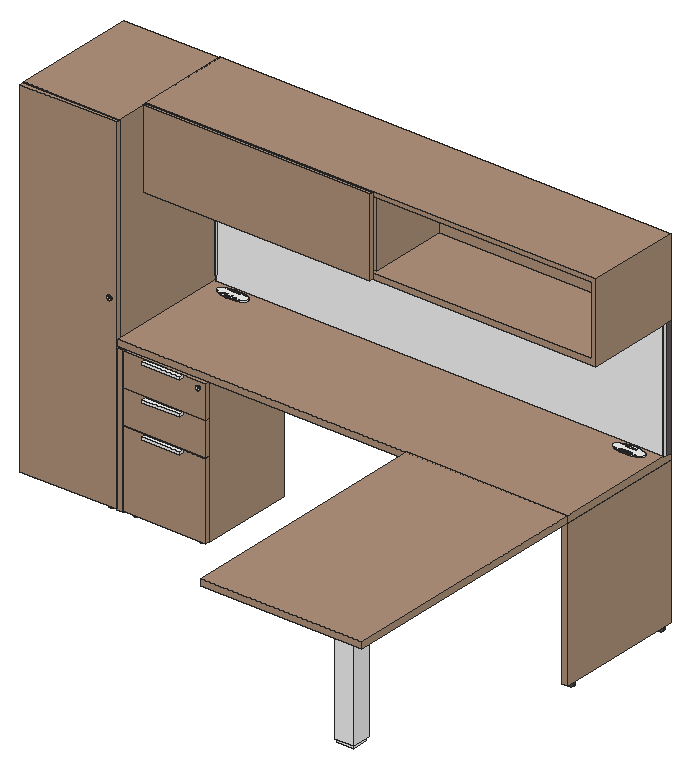
Revit family "Expansion_Casegoods-Private_01-Teknion-R2018", category Furniture Systems, Revit 2018
Family settings
  Round Connector Dimension = Use Diameter
  Part Type = Normal
  OmniClass Number = 23.40.70.14.64.21
  OmniClass Title = Systems Furniture
  Work Plane-Based = No
  Always vertical = Yes
  Cut with Voids When Loaded = No
  Shared = Yes
  Room Calculation Point = No
Parameters (values of type "Private 01")
  Warranty = "http://www.teknion.com/ca/papers/legal-canada"
  Unit Weight URL = "http://www.teknion.com/ca/tools/assets#&asset=bee6a381-b954-425e-8283-5a2de3a804f2,f828d448-4b62-4231-9e5f-9a8991c0ed77"
  URL = "www.teknion.com"
  To render please download texture images found here [instance] = "https://assets.teknion.com/web/5e81352c1dfdb467/revit-material-swatches/"
  Sustainability Data = "https://www.teknion.com/ca/tools/assets#&topic=216f99a5-57a0-44fc-b10a-9dee9b29ae4c&asset=444deb64-fe58-4b68-981e-f75e97781df7,b4ff2d81-9f2e-437d-9659-7cffb09c31cf"
  Series = "Expansion Casegoods"  # constant formula
  Product Page URL = "https://www.teknionplanningtool.com/#?Private-01-expcasegoods"
  Product Line = "Expansion Casegoods"  # constant formula
  Model = "Expansion Casegoods Private 01"
  Material Finish Note [instance] = "Click on Edit Family to change the finishes."  # constant formula
  Manufacturer Phone = "416-661-3370"  # constant formula
  Manufacturer Fax = "416.661.4586"  # constant formula
  Manufacturer Contact Information = "http://www.teknion.com/ca/contactus"
  Manufacturer Address = "1150 Flint Road, Toronto, ON. M3J 2J5. Canada"  # constant formula
  Manufacturer = "Teknion"  # constant formula
  How To Use Teknion Materials User Guide [instance] = "https://assets.teknion.com/m/205dd0a49fa58060/original/How-to-add-a-Material-Library-and-Texture-Images-to-your-Revit-project.pdf"
  For Additional Finishes please visit [instance] = "https://assets.teknion.com/m/44a8009b046e5d47/original/Teknion_Materials_Library.zip"
  Description = "5'-12\" x 8'-6\" Overall"
  Assembly Code = "E2020200"
Reference planes (in)
  plane 1 "Center F/B": y = -7.41937
  plane 2: z = 0
  plane 3 "Center L/R": x = -3.68352
  plane 4 "Top": z = 29
  plane 5: x = -54.42789
  plane 6: y = -43.24024
  plane 7: y = 28.40149
  plane 8: x = 47.06085
Dimensions and locks (in)
  locked: plane 4 "Top" to level at 29
  equal spacing: plane 6, plane 1 "Center F/B", plane 7
  equal spacing: plane 5, plane 3 "Center L/R", plane 8
  plane 5 to plane 8 = 8' - 5.48874"
  plane 7 to plane 6 = 5' - 11.64173"
  aligned and locked: level to plane 2
Nested families (in)
  nested 1: "Desks-Teknion-B_RF_Rectangular_Desk_Full_Gables-R2018" at (5.5821, 18.1134, 0), type "1 3/16" Worksurface Thickness"
    with Worksurface Finish Source Laminate - Teknion - 3M - Provincial Oak (Cross Grain), Width 7' - 0", Wall Access Modesty Panel Style yes, Two Grommets yes, To render please download texture images found here "https://assets.teknion.com/web/5e81352c1dfdb467/revit-material-swatches/", Modesty Panel Style "Please choose one of the following options below.", Modesty Height Offset 1' - 8.409", How To Use Teknion Materials User Guide "https://assets.teknion.com/m/205dd0a49fa58060/original/How-to-add-a-Material-Library-and-Texture-Images-to-your-Revit-project.pdf", Hardware Finish Paint - Teknion - Mica - Very White, Gable and Modesty Panel Finish Source Laminate - Teknion - 3M - Provincial Oak, For Additional Finishes please visit "https://assets.teknion.com/m/44a8009b046e5d47/original/Teknion_Materials_Library.zip", Flush, Half Modesty Panel Style no, Flush, Full Modesty Panel Style - No Grommet no, Flush, Full Modesty Panel Style no, Depth 2' - 0", Center Grommet no, Available Widths "18, 24, 30, 36, 42, 48, 54, 60, 66, 72, 78, or 84 inches.", Available Depths "20, 24, 30, or 36 inches.", Actual Width 6' - 11.579", Actual Depth 1' - 11.882"
  nested 2: "Storage-Freestanding-Teknion-BSPSS_Pedestal-R2018" at (-27.3882, 12.58409, 0), type "18" Depth, 28" Height"
    with To render please download texture images found here "https://assets.teknion.com/web/5e81352c1dfdb467/revit-material-swatches/", Pull Finish Paint - Teknion - Mica - Very White, How To Use Teknion Materials User Guide "https://assets.teknion.com/m/205dd0a49fa58060/original/How-to-add-a-Material-Library-and-Texture-Images-to-your-Revit-project.pdf", For Additional Finishes please visit "https://assets.teknion.com/m/44a8009b046e5d47/original/Teknion_Materials_Library.zip", File, File Configuration no, Drawer Front Finish Source Laminate - Teknion - 3M - Provincial Oak, Case Finish Source Laminate - Teknion - 3M - Provincial Oak (Cross Grain), Box, Box, File Top Drawer Cut-Out 0' - 3.589", Box, Box, File Configuration yes
  nested 3: "Storage-Freestanding-Teknion-BFRL_Full_Solid_Door_Tower-R2018" at (-45.47289, 16.4467, 0), type "18"w x 66"h"
    with Wardrobe yes, Top Shelf Height Offset 1' - 2.906", To render please download texture images found here "https://assets.teknion.com/web/5e81352c1dfdb467/revit-material-swatches/", Shelves no, Note "Available Depths are 18 and 24 inches.", Middle Shelf Visibility no, Middle Shelf Height Offset 1' - 2.846", Lock Height Offset 2' - 5.561", How to Add Texture Images to your Revit Project "https://assets.teknion.com/m/205dd0a49fa58060/original/How-to-add-a-Material-Library-and-Texture-Images-to-your-Revit-project.pdf", For Additional Finishes please visit "https://assets.teknion.com/m/44a8009b046e5d47/original/Teknion_Materials_Library.zip", File Drawers and Shelves no, Door Front Finish Source Laminate - Teknion - 3M - Provincial Oak, Depth 2' - 0", Configurations Note "Please select one of the following.", Case Finish Source Laminate - Teknion - 3M - Provincial Oak (Cross Grain), Bottom Shelf Visibility no, Actual Depth 1' - 11.161"
  nested 4: "Storage-Mounted-Teknion-BOCSS_Overhead_Cabinet_Solid_Overlay_Sliding_Door-R2018" at (4.46889, 19.73939, 0) x (-1, 0, 0) z (0, 0, 1), type "Wall Panel Mounted, One Door, 18" Depth"
    with Width 7' - 0", To render please download texture images found here "https://assets.teknion.com/web/5e81352c1dfdb467/revit-material-swatches/", Pull Finish Paint - Teknion - Mica - Very White, Overlay Door Finish Source Laminate - Teknion - 3M - Provincial Oak, Middle Shelf Divider yes, Inset Door Finish Source Laminate - Teknion - 3M - Provincial Oak, How To Use Teknion Materials User Guide "https://assets.teknion.com/m/205dd0a49fa58060/original/How-to-add-a-Material-Library-and-Texture-Images-to-your-Revit-project.pdf", For Additional Finishes please visit "https://assets.teknion.com/m/44a8009b046e5d47/original/Teknion_Materials_Library.zip", Case Finish Source Laminate - Teknion - 3M - Provincial Oak (Cross Grain), Available Widths "30\", 36\", 42\", 48\", 54\", 60\", 66\", 72\", 78\", or 84\"", Actual Width 6' - 11.579"
  nested 5: "Desks-Teknion-B_RPW_Rectangular_Peninsula_Worksurface-R2018" at (32.56105, -20.83513, 0), type "1 3/16" Worksurface Thickness"
    with Worksurface Finish Source Laminate - Teknion - 3M - Provincial Oak, Width 4' - 0", Top Bracket Visibility yes, To render please download texture images found here "https://assets.teknion.com/web/5e81352c1dfdb467/revit-material-swatches/", Support Style Note "Please choose one of the following options below.", Support Finish Paint - Teknion - Mica - Very White, How To Use Teknion Materials User Guide "https://assets.teknion.com/m/205dd0a49fa58060/original/How-to-add-a-Material-Library-and-Texture-Images-to-your-Revit-project.pdf", For Additional Finishes please visit "https://assets.teknion.com/m/44a8009b046e5d47/original/Teknion_Materials_Library.zip", Elliptical Base Connection Node Visibility no, Elliptical Base no, Depth 2' - 6", Connection Node Visibility yes, Column Leg no, Central Square Post Leg yes, Available Widths "48, 54, 60, 66, 72, 78, or 84 inches.", Available Depths "24, 30, or 36 inches.", Actual Width 3' - 11.76", Actual Depth 2' - 5.85"
  nested 6: "Desk_Accessories-Teknion-BAMPL_Peninsula_Modesty_Panel_Solid-R2018" at (32.13565, -8.337, 0), type "Dual-Leg Peninsula Style, Half Modesty Panel Height"
    with Width 4' - 6", To render please download texture images found here "https://assets.teknion.com/web/5e81352c1dfdb467/revit-material-swatches/", Modesty Panel Finish Source Laminate - Teknion - 3M - Provincial Oak (Cross Grain), How To Use Teknion Materials User Guide "https://assets.teknion.com/m/205dd0a49fa58060/original/How-to-add-a-Material-Library-and-Texture-Images-to-your-Revit-project.pdf", For Additional Finishes please visit "https://assets.teknion.com/m/44a8009b046e5d47/original/Teknion_Materials_Library.zip", Available Widths "48, 54, 60, 66, 72, 78, or 84 inches.", Actual Width 3' - 3.24"
  nested 7: "Storage-Mounted-Teknion-B_WPO-Wall_Panel_for_Overhead_Cabinet-R2018" at (5.27111, 27.90149, 0), type "On 1" Thick Standard Worksurface"
    with Width 7' - 0", Tackboard Upholstery Finish Fabric - Teknion - S613 - Saturate - Dune, Tackboard Bottom Starting Offset 2' - 4.823", Standard Overhead Cabinet (15" High) yes, Power/Data Visibility no, Power/Data Plan View Offset 3' - 5.79", Power and Data Under Worksurface - Right no, Power and Data Under Worksurface - Left no, Power and Data Under Worksurface - Center no, Power and Data Over Worksurface - Right no, Power and Data Over Worksurface - Left no, Power and Data Over Worksurface - Center no, Power Data Height Offset 0' - 1.797", Porcelain/Glass Markerboard Visibility yes, Panel Finish Veneer - Teknion - VB - Flintwood - Black Walnut, Overhead Style Cut-Out 1' - 1.866", Overhead Style "Please choose the Standard Overhead Cabinet option below.", No Power and Data yes, Light Shelf Note "Light Shelf can only be specified if the Has Accessory Rail option is selected above.", Light Shelf Finish Mica - Teknion - V - Satin - Very White, Has Porcelain Markerboard no, Has No Accessory Board no, Has Light Shelf no, Has Glass Markerboard yes, Has Felt Tackboard no, Has Fabric Tackboard no, Has Accessory Rail no, Glass Markerboard Finish Back-painted Glass - K7 - Teknion - Very White, Fabric/Felt Tackboard Visibility no, Datum Height Note "Please choose one of the following options below.", Cubic Overhead Cabinet (16" or 18" High) no, Available Widths "24, 30, 36, 42, 48, 54, 60, 66, 72, 78, or 84 inches.", Available Electrical Options "Choose between Power and Data Over Worksurface - Center, Power and Data Over Worksurface - Left, Power and Data Over Worksurface - Right, or No Power and Data.", Actual Width 6' - 11.58", Actual Height 5' - 4.673", Accessory Rail Finish Mica - Teknion - V - Satin - Very White, Accessories Note "Choose one of the following options below.", 72" Datum Height no, 66" Datum Height yes
Definition of nested family "Desks-Teknion-B_RF_Rectangular_Desk_Full_Gables-R2018"
  Parameters (values of type "1" Worksurface Thickness")
    Worksurface Thickness = if([1 3/16 WS Thickness], 0' 1.189", if([1 9/16 WS Thickness], 0' 1.555", 0' 1.016"))  # 0' - 1.016"
    Worksurface Finish [instance] = none
    Width [instance] = 6' - 0"
    Warranty = "http://www.teknion.com/ca/papers/legal-canada"
    Wall Access Modesty Panel Style [instance] = no
    Unit Weight URL = "http://www.teknion.com/ca/tools/assets#&asset=bee6a381-b954-425e-8283-5a2de3a804f2,f828d448-4b62-4231-9e5f-9a8991c0ed77"
    URL = "www.teknion.com"
    Two Grommets [instance] = not(Center Grommet)  # yes
    To render please download texture images found here [instance] = "https://assets.teknion.com/web/5e81352c1dfdb467/revit-material-swatches/"
    Sustainability Data = "https://www.teknion.com/ca/tools/assets#&topic=216f99a5-57a0-44fc-b10a-9dee9b29ae4c&asset=444deb64-fe58-4b68-981e-f75e97781df7,b4ff2d81-9f2e-437d-9659-7cffb09c31cf"
    Series = "Expansion Casegoods"  # constant formula
    Product Page URL = "https://www.teknion.com/ca/products/product-details?productLineId=0053336e-8e7a-673b-a6c8-ff00004460c4"
    Product Line = "Expansion Casegoods"  # constant formula
    Product Documentation Link = "https://www.teknion.com/pricing/expansion-casegoods/pdfs/B_RF_ppg.pdf"
    Part Number = "B_RF"  # constant formula
    Modesty Panel Style [instance] = "Please choose one of the following options below."  # constant formula
    Modesty Height Offset [instance] = if(or([Flush, Full Modesty Panel Style], [Flush, Full Modesty Panel Style - No Grommet]), 0' 0.602", if(Wall Access Modesty Panel Style, 1' 8.409", 1' 1.283"))  # 0' - 0.602"
    Model = "BDRF_____"
    Manufacturer Phone = "416-661-3370"  # constant formula
    Manufacturer Fax = "416.661.4586"  # constant formula
    Manufacturer Contact Information = "http://www.teknion.com/ca/contactus"
    Manufacturer Address = "1150 Flint Road, Toronto, ON. M3J 2J5. Canada"  # constant formula
    Manufacturer = "Teknion"  # constant formula
    How To Use Teknion Materials User Guide [instance] = "https://assets.teknion.com/m/205dd0a49fa58060/original/How-to-add-a-Material-Library-and-Texture-Images-to-your-Revit-project.pdf"
    Hardware Finish [instance] = none
    Gable and Modesty Panel Finish [instance] = none
    For Additional Finishes please visit [instance] = "https://assets.teknion.com/m/44a8009b046e5d47/original/Teknion_Materials_Library.zip"
    Flush, Half Modesty Panel Style [instance] = no
    Flush, Full Modesty Panel Style - No Grommet [instance] = no
    Flush, Full Modesty Panel Style [instance] = not(or(Wall Access Modesty Panel Style, [Flush, Full Modesty Panel Style - No Grommet], [Flush, Half Modesty Panel Style]))  # yes
    Description = "Rectangular Desk - Full Gables, Flush, 1\" Worksurface Thickness"
    Depth [instance] = 2' - 0"
    Center Grommet [instance] = Width < 3' 7"  # no
    Available Widths [instance] = if(not(or([1 3/16 WS Thickness], [1 9/16 WS Thickness])), "18, 24, 30, 36, 42, 48, 54, 60, 66, or 72 inches.", "18, 24, 30, 36, 42, 48, 54, 60, 66, 72, 78, or 84 inches.")  # "18, 24, 30, 36, 42, 48, 54, 60, 66, or 72 inches."
    Available Depths [instance] = if(or(Worksurface Thickness = 0' 1.555", Worksurface Thickness = 0' 1.189"), "20, 24, 30, or 36 inches.", "20, 24, or 30 inches.")  # "20, 24, or 30 inches."
    Assembly Code = "E2020200"
    Actual Width [instance] = if(Width = 1' 6", 1' 5.909", if(Width = 2' 0", 1' 11.882", if(Width = 2' 6", 2' 5.85", if(Width = 3' 0", 2' 11.819", if(Width = 3' 6", 3' 5.791", if(Width = 4' 0", 3' 11.76", if(Width = 4' 6", 4' 5.728", if(Width = 5' 0", 4' 11.701", if(Width = 5' 6", 5' 5.669", if(Width = 6' 0", 5' 11.642", if(Width = 6' 6", 6' 5.61", 6' 11.579")))))))))))  # 5' - 11.642"
    Actual Depth [instance] = if(Depth = 1' 8", 1' 7.92", if(Depth = 2' 0", 1' 11.882", if(Depth = 2' 6", 2' 5.85", 2' 11.819")))  # 1' - 11.882"
    1 9/16 WS Thickness = no
    1 3/16 WS Thickness = no
  Types (4): name | Worksurface Thickness | Model | Description | Available Widths | Available Depths | 1 9/16 WS Thickness | 1 3/16 WS Thickness
    (no name) | 0' - 1.016" | "BDRF_____" | "Rectangular Desk - Full Gables, Flush, 1\" Worksurface Thickness" | "18, 24, 30, 36, 42, 48, 54, 60, 66, or 72 inches." | "20, 24, or 30 inches." | no | no
    1" Worksurface Thickness | 0' - 1.016" | "BDRF_____" | "Rectangular Desk - Full Gables, Flush, 1\" Worksurface Thickness" | "18, 24, 30, 36, 42, 48, 54, 60, 66, or 72 inches." | "20, 24, or 30 inches." | no | no
    1 3/16" Worksurface Thickness | 0' - 1.189" | "BMRF_____" | "Rectangular Desk - Full Gables, Flush, 1 3/16\" Worksurface Thickness" | "18, 24, 30, 36, 42, 48, 54, 60, 66, 72, 78, or 84 inches." | "20, 24, 30, or 36 inches." | no | yes
    1 9/16" Worksurface Thickness | 0' - 1.555" | "BXRF_____" | "Rectangular Desk - Full Gables, Flush, 1 9/16\" Worksurface Thickness" | "18, 24, 30, 36, 42, 48, 54, 60, 66, 72, 78, or 84 inches." | "20, 24, 30, or 36 inches." | yes | no
  Reference planes (in)
    plane 1 "Center Front/Back": y = -1.65291
    plane 2: z = 0
    plane 3 "Center Left/Right": x = -0.31049
    plane 4 "Left": x = -36.13149
    plane 5 "Right": x = 35.51051
    plane 6 "Back": y = 10.28809
    plane 7 "Front": y = -13.59391
    plane 8 "Top": z = 28.82309
    plane 9: z = 27.80709
  Forms (in)
    Sweep 1, solid, material <- "Gable and Modesty Panel Finish"
      path origin (0, 0, 0) x (1, 0, 0) y (0, 1, 0)
        loop
          line (-35.11575, -1.65291) -> (-36.13149, -1.65291)
      profile origin (-35.62362, -1.65291, 0) x (0, -1, 0) y (0, 0, 1)
        loop
          line (11.941, 0.60236) -> (11.941, 27.53543) -> (-11.941, 27.53543) -> (-11.941, 0.60236) -> (11.941, 0.60236)
    Sweep 2, solid, material <- "Gable and Modesty Panel Finish"
      path origin (16.8937, 0, 0) x (1, 0, 0) y (0, 1, 0)
        loop
          line (18.61681, -1.65291) -> (17.60106, -1.65291)
      profile origin (35.00263, -1.65291, 0) x (0, -1, 0) y (0, 0, 1)
        loop
          line (11.941, 0.60236) -> (11.941, 27.53568) -> (-11.941, 27.53568) -> (-11.941, 0.60236) -> (11.941, 0.60236)
    Sweep 3, solid, material <- "Gable and Modesty Panel Finish"
      path origin (0, 0, 0) x (1, 0, 0) y (0, 1, 0)
        loop
          line (-0.31049, 9.18573) -> (-0.31049, 8.16998)
      profile origin (-0.31049, 8.67785, 0) x (1, 0, 0) y (0, 0, 1)
        loop
          line (-34.80525, 27.53568) -> (-34.80525, 0.602) -> (34.80525, 0.602) -> (34.80525, 27.53568) -> (-34.80525, 27.53568)
    Sweep 4, solid, material <- "Worksurface Finish"
      path origin (0, -1.65291, 0) x (1, 0, 0) y (0, 0, 1)
        loop
          line (-0.31049, 27.80709) -> (-0.31049, 28.82309)
      profile origin (-0.31049, -1.65291, 28.31509) x (-1, 0, 0) y (0, -1, 0)
        loop
          line (35.821, -11.941) -> (35.821, 11.941) -> (-35.821, 11.941) -> (-35.821, -11.941) -> (35.821, -11.941)
    Sweep 5, solid, material <- "Hardware Finish"
      path origin (0, -1.65291, 0) x (1, 0, 0) y (0, 0, 1)
        loop
          line (-35.09233, 27.53568) -> (-35.09233, 27.80709)
      profile origin (-35.09233, -1.65291, 27.67138) x (-1, 0, 0) y (0, -1, 0)
        loop
          spline (0.02342, -6.53808) -> (-0.20815, -6.62741) -> (-0.42393, -6.88932) -> (-0.60922, -7.30595) -> (-0.75141, -7.84892) -> (-0.84079, -8.48121) -> (-0.87127, -9.15975) -> (-0.84079, -9.83829) -> (-0.75141, -10.47058) -> (-0.60922, -11.01355) -> (-0.42393, -11.43018) -> (-0.20815, -11.69209) -> (0.02342, -11.78142)
          spline (0.02342, -11.78142) -> (0.25498, -11.69209) -> (0.47076, -11.43018) -> (0.65606, -11.01355) -> (0.79825, -10.47058) -> (0.88763, -9.83829) -> (0.91811, -9.15975) -> (0.88763, -8.48121) -> (0.79825, -7.84892) -> (0.65606, -7.30595) -> (0.47076, -6.88932) -> (0.25498, -6.62741) -> (0.02342, -6.53808)
        loop
          spline (-69.58709, -6.53808) -> (-69.81865, -6.62741) -> (-70.03443, -6.88932) -> (-70.21973, -7.30595) -> (-70.36191, -7.84892) -> (-70.45129, -8.48121) -> (-70.48178, -9.15975) -> (-70.45129, -9.83829) -> (-70.36191, -10.47058) -> (-70.21973, -11.01355) -> (-70.03443, -11.43018) -> (-69.81865, -11.69209) -> (-69.58709, -11.78142)
          spline (-69.58709, -11.78142) -> (-69.35552, -11.69209) -> (-69.13974, -11.43018) -> (-68.95444, -11.01355) -> (-68.81226, -10.47058) -> (-68.72288, -9.83829) -> (-68.69239, -9.15975) -> (-68.72288, -8.48121) -> (-68.81226, -7.84892) -> (-68.95444, -7.30595) -> (-69.13974, -6.88932) -> (-69.35552, -6.62741) -> (-69.58709, -6.53808)
        loop
          spline (0.02342, 6.53808) -> (0.25498, 6.62741) -> (0.47076, 6.88932) -> (0.65606, 7.30595) -> (0.79825, 7.84892) -> (0.88763, 8.48121) -> (0.91811, 9.15975) -> (0.88763, 9.83829) -> (0.79825, 10.47058) -> (0.65606, 11.01355) -> (0.47076, 11.43018) -> (0.25498, 11.69209) -> (0.02342, 11.78142)
          spline (0.02342, 11.78142) -> (-0.20815, 11.69209) -> (-0.42393, 11.43018) -> (-0.60922, 11.01355) -> (-0.75141, 10.47058) -> (-0.84079, 9.83829) -> (-0.87127, 9.15975) -> (-0.84079, 8.48121) -> (-0.75141, 7.84892) -> (-0.60922, 7.30595) -> (-0.42393, 6.88932) -> (-0.20815, 6.62741) -> (0.02342, 6.53808)
        loop
          spline (-69.58709, 6.53808) -> (-69.35552, 6.62741) -> (-69.13974, 6.88932) -> (-68.95444, 7.30595) -> (-68.81226, 7.84892) -> (-68.72288, 8.48121) -> (-68.69239, 9.15975) -> (-68.72288, 9.83829) -> (-68.81226, 10.47058) -> (-68.95444, 11.01355) -> (-69.13974, 11.43018) -> (-69.35552, 11.69209) -> (-69.58709, 11.78142)
          spline (-69.58709, 11.78142) -> (-69.81865, 11.69209) -> (-70.03443, 11.43018) -> (-70.21973, 11.01355) -> (-70.36191, 10.47058) -> (-70.45129, 9.83829) -> (-70.48178, 9.15975) -> (-70.45129, 8.48121) -> (-70.36191, 7.84892) -> (-70.21973, 7.30595) -> (-70.03443, 6.88932) -> (-69.81865, 6.62741) -> (-69.58709, 6.53808)
    Sweep 6, solid, material <- "Hardware Finish", visible <- "Flush, Full Modesty Panel Style"
      path origin (0, 0, 0) x (1, 0, 0) y (0, 1, 0)
        loop
          line (-0.31049, 9.18573) -> (-0.31049, 9.31073)
      profile origin (-0.31049, 9.24823, 0) x (-1, 0, 0) y (0, 0, 1)
        loop
          spline (-2.86635, 24.04726) -> (-2.76868, 23.74026) -> (-2.48233, 23.45418) -> (-2.02682, 23.20852) -> (-1.43318, 23.02001) -> (-0.74187, 22.90151) -> (0, 22.8611) -> (0.74187, 22.90151) -> (1.43318, 23.02001) -> (2.02682, 23.20852) -> (2.48233, 23.45418) -> (2.76868, 23.74026) -> (2.86635, 24.04726)
          spline (2.86635, 24.04726) -> (2.76868, 24.35427) -> (2.48233, 24.64035) -> (2.02682, 24.88601) -> (1.43318, 25.07451) -> (0.74187, 25.19301) -> (0, 25.23343) -> (-0.74187, 25.19301) -> (-1.43318, 25.07451) -> (-2.02682, 24.88601) -> (-2.48233, 24.64035) -> (-2.76868, 24.35427) -> (-2.86635, 24.04726)
    Sweep 7, solid, material <- "Hardware Finish", visible <- "Center Grommet"
      path origin (0, -1.65291, 0) x (1, 0, 0) y (0, 0, 1)
        loop
          line (-0.31049, 28.82309) -> (-0.31049, 28.94809)
      profile origin (-0.31049, -1.65291, 28.88559) x (-1, 0, 0) y (0, -1, 0)
        loop
          spline (-2.86635, -8.63653) -> (-2.76868, -8.93954) -> (-2.48233, -9.2219) -> (-2.02682, -9.46437) -> (-1.43318, -9.65042) -> (-0.74187, -9.76737) -> (0, -9.80726) -> (0.74187, -9.76737) -> (1.43318, -9.65042) -> (2.02682, -9.46437) -> (2.48233, -9.2219) -> (2.76868, -8.93954) -> (2.86635, -8.63653)
          spline (2.86635, -8.63653) -> (2.76868, -8.33352) -> (2.48233, -8.05117) -> (2.02682, -7.8087) -> (1.43318, -7.62265) -> (0.74187, -7.50569) -> (0, -7.4658) -> (-0.74187, -7.50569) -> (-1.43318, -7.62265) -> (-2.02682, -7.8087) -> (-2.48233, -8.05117) -> (-2.76868, -8.33352) -> (-2.86635, -8.63653)
    Sweep 8, void
      path origin (0, -1.65291, 0) x (1, 0, 0) y (0, 0, 1)
        loop
          line (-0.31049, 28.94809) -> (-0.31049, 28.84272)
      profile origin (-0.31049, -1.65291, 28.8954) x (0, -1, 0) y (1, 0, 0)
        loop
          arc (-9.41917, -1.89428) -> (-9.0472, 0) -> (-9.41917, 1.89428) r 5.00939
          arc (-9.41917, 1.89428) -> (-9.69168, 0) -> (-9.41917, -1.89428) r 6.71996
        loop
          arc (-7.83196, -1.89428) -> (-7.55944, 0) -> (-7.83196, 1.89428) r 6.71996
          arc (-7.83196, 1.89428) -> (-8.20393, 0) -> (-7.83196, -1.89428) r 5.00939
    Sweep 9, solid
      path origin (0, -1.65291, 0) x (1, 0, 0) y (0, 0, 1)
        loop
          line (-0.31049, 0) -> (-0.31049, 0.60236)
      profile origin (-0.31049, -1.65291, 0.30118) x (-1, 0, 0) y (0, -1, 0)
        loop
          circle (-35.31102, -10.41839) r 0.5
        loop
          circle (-35.31102, 10.41839) r 0.5
        loop
          circle (35.31102, -10.41839) r 0.5
        loop
          circle (35.31102, 10.41839) r 0.5
    Sweep 10, void
      path origin (0, 0, 0) x (1, 0, 0) y (0, 1, 0)
        loop
          line (-0.31049, 9.31073) -> (-0.31049, 9.2132)
      profile origin (-0.31049, 9.26196, 0) x (1, 0, 0) y (0, 0, 1)
        loop
          arc (-1.89428, 24.8485) -> (0, 24.47595) -> (1.89428, 24.8485) r 5.00226
          arc (1.89428, 24.8485) -> (0, 25.12134) -> (-1.89428, 24.8485) r 6.7122
        loop
          arc (-1.89428, 23.26224) -> (0, 22.98099) -> (1.89428, 23.26224) r 6.51974
          arc (1.89428, 23.26224) -> (0, 23.63325) -> (-1.89428, 23.26224) r 5.02135
    Sweep 11, solid, material <- "Hardware Finish", visible <- "Two Grommets"
      path origin (-18.88, -1.65291, 0) x (1, 0, 0) y (0, 0, 1)
        loop
          line (-12.25149, 28.82309) -> (-12.25149, 28.94809)
      profile origin (-31.13149, -1.65291, 28.88559) x (-1, 0, 0) y (0, -1, 0)
        loop
          spline (-2.86635, -8.63653) -> (-2.76868, -8.93954) -> (-2.48233, -9.2219) -> (-2.02682, -9.46437) -> (-1.43318, -9.65042) -> (-0.74187, -9.76737) -> (0, -9.80726) -> (0.74187, -9.76737) -> (1.43318, -9.65042) -> (2.02682, -9.46437) -> (2.48233, -9.2219) -> (2.76868, -8.93954) -> (2.86635, -8.63653)
          spline (2.86635, -8.63653) -> (2.76868, -8.33352) -> (2.48233, -8.05117) -> (2.02682, -7.8087) -> (1.43318, -7.62265) -> (0.74187, -7.50569) -> (0, -7.4658) -> (-0.74187, -7.50569) -> (-1.43318, -7.62265) -> (-2.02682, -7.8087) -> (-2.48233, -8.05117) -> (-2.76868, -8.33352) -> (-2.86635, -8.63653)
    Sweep 12, solid, material <- "Hardware Finish", visible <- "Two Grommets"
      path origin (18.87984, -1.65291, 0) x (1, 0, 0) y (0, 0, 1)
        loop
          line (11.63051, 28.82309) -> (11.63051, 28.94809)
      profile origin (30.51035, -1.65291, 28.88559) x (-1, 0, 0) y (0, -1, 0)
        loop
          spline (-2.86635, -8.63653) -> (-2.76868, -8.93954) -> (-2.48233, -9.2219) -> (-2.02682, -9.46437) -> (-1.43318, -9.65042) -> (-0.74187, -9.76737) -> (0, -9.80726) -> (0.74187, -9.76737) -> (1.43318, -9.65042) -> (2.02682, -9.46437) -> (2.48233, -9.2219) -> (2.76868, -8.93954) -> (2.86635, -8.63653)
          spline (2.86635, -8.63653) -> (2.76868, -8.33352) -> (2.48233, -8.05117) -> (2.02682, -7.8087) -> (1.43318, -7.62265) -> (0.74187, -7.50569) -> (0, -7.4658) -> (-0.74187, -7.50569) -> (-1.43318, -7.62265) -> (-2.02682, -7.8087) -> (-2.48233, -8.05117) -> (-2.76868, -8.33352) -> (-2.86635, -8.63653)
    Sweep 13, void
      path origin (0, -1.65291, 0) x (1, 0, 0) y (0, 0, 1)
        loop
          line (-31.13149, 28.94809) -> (-31.13149, 28.84272)
      profile origin (-31.13149, -1.65291, 28.8954) x (0, -1, 0) y (1, 0, 0)
        loop
          arc (-9.41917, -1.89428) -> (-9.04182, 0) -> (-9.41917, 1.89428) r 4.9433
          arc (-9.41917, 1.89428) -> (-9.69168, 0) -> (-9.41917, -1.89428) r 6.71996
        loop
          arc (-7.83291, -1.89428) -> (-7.56007, 0) -> (-7.83291, 1.89428) r 6.71219
          arc (-7.83291, 1.89428) -> (-8.20935, 0) -> (-7.83291, -1.89428) r 4.95433
    Sweep 14, void
      path origin (0, -1.65291, 0) x (1, 0, 0) y (0, 0, 1)
        loop
          line (30.51035, 28.94809) -> (30.51035, 28.84272)
      profile origin (30.51035, -1.65291, 28.8954) x (0, -1, 0) y (1, 0, 0)
        loop
          arc (-9.41917, -1.89428) -> (-9.04815, 0) -> (-9.41917, 1.89428) r 5.02134
          arc (-9.41917, 1.89428) -> (-9.69397, 0) -> (-9.41917, -1.89428) r 6.66629
        loop
          arc (-7.83291, -1.89428) -> (-7.55751, 0) -> (-7.83291, 1.89428) r 6.65231
          arc (-7.83291, 1.89428) -> (-8.20393, 0) -> (-7.83291, -1.89428) r 5.02134
    Sweep 15, solid, material <- "Hardware Finish", visible <- "Wall Access Modesty Panel Style"
      path origin (0, -1.65291, 0) x (1, 0, 0) y (0, 0, 1)
        loop
          line (-35.11575, 13.50787) -> (-35.11575, 27.53543)
      profile origin (-35.11575, -1.65291, 20.52165) x (-1, 0, 0) y (0, -1, 0)
        loop
          line (-0.05906, -8.70084) -> (-0.05906, -9.76383) -> (-1.29921, -9.76383) -> (-1.29921, -9.82289) -> (0, -9.82289) -> (0, -8.70084) -> (-0.05906, -8.70084)
        loop
          line (-69.55118, -8.52368) -> (-69.61024, -8.52368) -> (-69.61024, -9.82289) -> (-68.48819, -9.82289) -> (-68.48819, -9.76383) -> (-69.55118, -9.76383) -> (-69.55118, -8.52368)
    Sweep 16, void
      path origin (0, 0, 0) x (1, 0, 0) y (0, 1, 0)
        loop
          line (-0.31049, 9.18573) -> (-0.31049, 4.18573)
      profile origin (-0.31049, 6.68573, 0) x (1, 0, 0) y (0, 0, 1)
        loop
          line (-33.50604, 14.80709) -> (-34.80525, 13.50787) -> (-33.50604, 13.50787) -> (-33.50604, 14.80709)
        loop
          line (33.68293, 14.63017) -> (33.68293, 13.50813) -> (34.80498, 13.50813) -> (33.68293, 14.63017)
  Cuts and joins
    Sweep 8 cuts Sweep 7
    Sweep 13 cuts Sweep 11
    Sweep 14 cuts Sweep 12
    Sweep 10 cuts Sweep 6
    Sweep 16 cuts Sweep 15
  Lines and regions (in)
    Masking region 1
      outline origin (0, 0, 0) x (1, 0, 0) y (0, 1, 0)
        loop
          line (-36.13149, 10.28809) -> (-36.13149, -13.59391) -> (35.51051, -13.59391) -> (35.51051, 10.28809) -> (-36.13149, 10.28809)
    symbolic lines, detail levels medium+fine
      curve 1: line (-35.11575, 10.28809, 0) -> (-35.11575, -13.59391, 0)
      curve 2: line (-35.11575, 8.16998, 0) -> (34.49476, 8.16998, 0)
      curve 3: line (-35.11575, 9.18573, 0) -> (34.49476, 9.18573, 0)
      curve 4: line (34.49476, 10.28809, 0) -> (34.49476, -13.59391, 0)
      curve 5: spline (-35.11575, 4.88517, 0) -> (-35.34731, 4.9745, 0) -> (-35.56309, 5.23641, 0) -> (-35.74839, 5.65304, 0) -> (-35.89057, 6.196, 0) -> (-35.97995, 6.8283, 0) -> (-36.01044, 7.50684, 0) -> (-35.97995, 8.18538, 0) -> (-35.89057, 8.81767, 0) -> (-35.74839, 9.36064, 0) -> (-35.56309, 9.77727, 0) -> (-35.34731, 10.03918, 0) -> (-35.11575, 10.12851, 0)
      curve 6: spline (-35.11575, 10.12851, 0) -> (-34.88418, 10.03918, 0) -> (-34.6684, 9.77727, 0) -> (-34.4831, 9.36064, 0) -> (-34.34092, 8.81767, 0) -> (-34.25154, 8.18538, 0) -> (-34.22105, 7.50684, 0) -> (-34.25154, 6.8283, 0) -> (-34.34092, 6.196, 0) -> (-34.4831, 5.65304, 0) -> (-34.6684, 5.23641, 0) -> (-34.88418, 4.9745, 0) -> (-35.11575, 4.88517, 0)
      curve 7: spline (34.49476, 10.12851, 0) -> (34.72632, 10.03918, 0) -> (34.9421, 9.77727, 0) -> (35.1274, 9.36064, 0) -> (35.26958, 8.81767, 0) -> (35.35896, 8.18538, 0) -> (35.38945, 7.50684, 0) -> (35.35896, 6.8283, 0) -> (35.26958, 6.196, 0) -> (35.1274, 5.65304, 0) -> (34.9421, 5.23641, 0) -> (34.72632, 4.9745, 0) -> (34.49476, 4.88517, 0)
      curve 8: spline (34.49476, 4.88517, 0) -> (34.26319, 4.9745, 0) -> (34.04741, 5.23641, 0) -> (33.86211, 5.65304, 0) -> (33.71993, 6.196, 0) -> (33.63055, 6.8283, 0) -> (33.60006, 7.50684, 0) -> (33.63055, 8.18538, 0) -> (33.71993, 8.81767, 0) -> (33.86211, 9.36064, 0) -> (34.04741, 9.77727, 0) -> (34.26319, 10.03918, 0) -> (34.49476, 10.12851, 0)
      curve 9: spline (34.49476, -13.43433, 0) -> (34.26319, -13.345, 0) -> (34.04741, -13.08309, 0) -> (33.86211, -12.66646, 0) -> (33.71993, -12.1235, 0) -> (33.63055, -11.4912, 0) -> (33.60006, -10.81266, 0) -> (33.63055, -10.13412, 0) -> (33.71993, -9.50183, 0) -> (33.86211, -8.95886, 0) -> (34.04741, -8.54223, 0) -> (34.26319, -8.28032, 0) -> (34.49476, -8.19099, 0)
      curve 10: spline (34.49476, -8.19099, 0) -> (34.72632, -8.28032, 0) -> (34.9421, -8.54223, 0) -> (35.1274, -8.95886, 0) -> (35.26958, -9.50183, 0) -> (35.35896, -10.13412, 0) -> (35.38945, -10.81266, 0) -> (35.35896, -11.4912, 0) -> (35.26958, -12.1235, 0) -> (35.1274, -12.66646, 0) -> (34.9421, -13.08309, 0) -> (34.72632, -13.345, 0) -> (34.49476, -13.43433, 0)
      curve 11: spline (-35.11575, -8.19099, 0) -> (-34.88418, -8.28032, 0) -> (-34.6684, -8.54223, 0) -> (-34.4831, -8.95886, 0) -> (-34.34092, -9.50183, 0) -> (-34.25154, -10.13412, 0) -> (-34.22105, -10.81266, 0) -> (-34.25154, -11.4912, 0) -> (-34.34092, -12.1235, 0) -> (-34.4831, -12.66646, 0) -> (-34.6684, -13.08309, 0) -> (-34.88418, -13.345, 0) -> (-35.11575, -13.43433, 0)
      curve 12: spline (-35.11575, -13.43433, 0) -> (-35.34731, -13.345, 0) -> (-35.56309, -13.08309, 0) -> (-35.74839, -12.66646, 0) -> (-35.89057, -12.1235, 0) -> (-35.97995, -11.4912, 0) -> (-36.01044, -10.81266, 0) -> (-35.97995, -10.13412, 0) -> (-35.89057, -9.50183, 0) -> (-35.74839, -8.95886, 0) -> (-35.56309, -8.54223, 0) -> (-35.34731, -8.28032, 0) -> (-35.11575, -8.19099, 0)
    symbolic lines, detail levels fine
      curve 13: arc (-36.12151, 8.76548, 0) -> (-35.62151, 9.26548, 0) -> (-35.12151, 8.76548, 0) r 0.5
      curve 14: arc (-35.12151, 8.76548, 0) -> (-35.62151, 8.26548, 0) -> (-36.12151, 8.76548, 0) r 0.5
      curve 15: arc (-36.12151, -12.0713, 0) -> (-35.62151, -11.5713, 0) -> (-35.12151, -12.0713, 0) r 0.5
      curve 16: arc (-35.12151, -12.0713, 0) -> (-35.62151, -12.5713, 0) -> (-36.12151, -12.0713, 0) r 0.5
      curve 17: arc (34.50052, 8.76548, 0) -> (35.00052, 9.26548, 0) -> (35.50052, 8.76548, 0) r 0.5
      curve 18: arc (35.50052, 8.76548, 0) -> (35.00052, 8.26548, 0) -> (34.50052, 8.76548, 0) r 0.5
      curve 19: arc (34.50052, -12.0713, 0) -> (35.00052, -11.5713, 0) -> (35.50052, -12.0713, 0) r 0.5
      curve 20: arc (35.50052, -12.0713, 0) -> (35.00052, -12.5713, 0) -> (34.50052, -12.0713, 0) r 0.5
    symbolic lines, visible <- "Center Grommet"
      curve 21: arc (1.58379, 7.76625, 0) -> (-0.31049, 8.03877, 0) -> (-2.20478, 7.76625, 0) r 6.71996
      curve 22: arc (-2.20478, 7.76625, 0) -> (-0.31049, 7.39429, 0) -> (1.58379, 7.76625, 0) r 5.00939
      curve 23: arc (1.58379, 6.17905, 0) -> (-0.31049, 6.55101, 0) -> (-2.20478, 6.17905, 0) r 5.00939
      curve 24: arc (-2.20478, 6.17905, 0) -> (-0.31049, 5.90653, 0) -> (1.58379, 6.17905, 0) r 6.71996
      curve 25: spline (-3.17685, 6.98362, 0) -> (-3.07918, 7.28633, 0) -> (-2.79283, 7.5684, 0) -> (-2.33731, 7.81063, 0) -> (-1.74367, 7.99649, 0) -> (-1.05236, 8.11333, 0) -> (-0.31049, 8.15318, 0) -> (0.43137, 8.11333, 0) -> (1.12268, 7.99649, 0) -> (1.71632, 7.81063, 0) -> (2.17184, 7.5684, 0) -> (2.45819, 7.28633, 0) -> (2.55586, 6.98362, 0) -> (2.45819, 6.68092, 0) -> (2.17184, 6.39884, 0) -> (1.71632, 6.15662, 0) -> (1.12268, 5.97075, 0) -> (0.43137, 5.85391, 0) -> (-0.31049, 5.81406, 0) -> (-1.05236, 5.85391, 0) -> (-1.74367, 5.97075, 0) -> (-2.33731, 6.15662, 0) -> (-2.79283, 6.39884, 0) -> (-3.07918, 6.68092, 0) -> (-3.17685, 6.98362, 0)
    symbolic lines, visible <- "Flush, Full Modesty Panel Style", detail levels fine
      curve 26: line (2.55586, 9.31073, 0) -> (-3.17685, 9.31073, 0)
    symbolic lines, visible <- "Flush, Full Modesty Panel Style", detail levels medium+fine
      curve 27: line (-3.17685, 9.31073, 0) -> (-3.17685, 9.18573, 0)
      curve 28: line (2.55586, 9.31073, 0) -> (2.55586, 9.18573, 0)
    symbolic lines, visible <- "Two Grommets"
      curve 29: spline (-33.99785, 6.98362, 0) -> (-33.90018, 7.28633, 0) -> (-33.61383, 7.5684, 0) -> (-33.15831, 7.81063, 0) -> (-32.56467, 7.99649, 0) -> (-31.87336, 8.11333, 0) -> (-31.13149, 8.15318, 0) -> (-30.38963, 8.11333, 0) -> (-29.69832, 7.99649, 0) -> (-29.10468, 7.81063, 0) -> (-28.64916, 7.5684, 0) -> (-28.36281, 7.28633, 0) -> (-28.26514, 6.98362, 0) -> (-28.36281, 6.68092, 0) -> (-28.64916, 6.39884, 0) -> (-29.10468, 6.15662, 0) -> (-29.69832, 5.97075, 0) -> (-30.38963, 5.85391, 0) -> (-31.13149, 5.81406, 0) -> (-31.87336, 5.85391, 0) -> (-32.56467, 5.97075, 0) -> (-33.15831, 6.15662, 0) -> (-33.61383, 6.39884, 0) -> (-33.90018, 6.68092, 0) -> (-33.99785, 6.98362, 0)
      curve 30: arc (-29.23721, 7.76625, 0) -> (-31.13149, 8.03877, 0) -> (-33.02578, 7.76625, 0) r 6.71996
      curve 31: arc (-33.02578, 7.76625, 0) -> (-31.13149, 7.3889, 0) -> (-29.23721, 7.76625, 0) r 4.9433
      curve 32: arc (-29.23721, 6.18, 0) -> (-31.13149, 6.55644, 0) -> (-33.02578, 6.18, 0) r 4.95433
      curve 33: arc (-33.02578, 6.18, 0) -> (-31.13149, 5.90716, 0) -> (-29.23721, 6.18, 0) r 6.71219
      curve 34: arc (32.40463, 7.76625, 0) -> (30.51035, 8.04106, 0) -> (28.61606, 7.76625, 0) r 6.66629
      curve 35: arc (28.61606, 7.76625, 0) -> (30.51035, 7.39524, 0) -> (32.40463, 7.76625, 0) r 5.02134
      curve 36: arc (32.40463, 6.18, 0) -> (30.51035, 6.55101, 0) -> (28.61606, 6.18, 0) r 5.02134
      curve 37: arc (28.61606, 6.18, 0) -> (30.51035, 5.9046, 0) -> (32.40463, 6.18, 0) r 6.65231
      curve 38: spline (33.3767, 6.98362, 0) -> (33.27903, 7.28663, 0) -> (32.99268, 7.56899, 0) -> (32.53717, 7.81145, 0) -> (31.94352, 7.9975, 0) -> (31.25221, 8.11446, 0) -> (30.51035, 8.15435, 0) -> (29.76848, 8.11446, 0) -> (29.07717, 7.9975, 0) -> (28.48353, 7.81145, 0) -> (28.02801, 7.56899, 0) -> (27.74166, 7.28663, 0) -> (27.64399, 6.98362, 0)
      curve 39: spline (27.64399, 6.98362, 0) -> (27.74166, 6.68061, 0) -> (28.02801, 6.39825, 0) -> (28.48353, 6.15579, 0) -> (29.07717, 5.96974, 0) -> (29.76848, 5.85278, 0) -> (30.51035, 5.81289, 0) -> (31.25221, 5.85278, 0) -> (31.94352, 5.96974, 0) -> (32.53717, 6.15579, 0) -> (32.99268, 6.39825, 0) -> (33.27903, 6.68061, 0) -> (33.3767, 6.98362, 0)
  Dimensions and locks (in)
    "Actual Width": plane 4 "Left" to plane 5 "Right"
    "Actual Depth": plane 6 "Back" to plane 7 "Front"
    "Worksurface Thickness": plane 8 "Top" to plane 9
    equal spacing: plane 4 "Left", plane 3 "Center Left/Right", plane 5 "Right"
    equal spacing: plane 7 "Front", plane 1 "Center Front/Back", plane 6 "Back"
    locked: plane 4 "Left" to Sweep 1 sketch curve at 1.01575
    locked: plane 9 to Sweep 1 sketch curve at 0.27165
    locked: Sweep 1 sketch curve to level at 0.60236
    locked: Sweep 2 sketch curve to plane 5 "Right" at 1.01575
    plane 6 "Back" to Sweep 3 sketch curve to Sweep 3 sketch curve = 0' - 1.10236" locked, 0' - 1.01575" locked
    locked: plane 9 to Sweep 3 sketch curve at 0.2714
    "Modesty Height Offset": Sweep 3 sketch curve to level
    locked: Sweep 3 sketch curve to plane 4 "Left" at 1.01575
    locked: Sweep 3 sketch curve to plane 5 "Right" at 1.01575
    locked: plane 6 "Back" to Sweep 5 sketch curve at 2.78125  (x2)
    locked: plane 4 "Left" to Sweep 5 sketch curve at 1.01575  (x2)
    locked: Sweep 5 sketch curve to plane 5 "Right" at 1.01575  (x2)
    plane 7 "Front" to Sweep 5 sketch curve to Sweep 5 sketch curve = 0' - 2 25/32" locked, 0' - 0" locked
    plane 6 "Back" to Sweep 6 sketch curve to Sweep 6 sketch curve = 0' - 0.97736" locked, 0' - 0 1/8" locked
    locked: Sweep 7 sketch curve to plane 8 "Top" at 0.125
    Sweep 8 sketch curve to Sweep 8 sketch curve to plane 6 "Back" to Sweep 8 sketch curve to Sweep 8 sketch curve = 0' - 0.22281" locked, 0' - 2.11559" locked, 0' - 8.74647" locked, 0' - 0.22281" locked
    plane 3 "Center Left/Right" to Sweep 8 sketch curve to Sweep 8 sketch curve to Sweep 8 sketch curve to Sweep 8 sketch curve = 0' - 0" locked, 0' - 0" locked, 0' - 0" locked, 0' - 0" locked
    locked: plane 3 "Center Left/Right" to Sweep 7 sketch curve at 0
    locked: plane 6 "Back" to Sweep 7 sketch curve at 3.30447
    locked: Sweep 9 sketch curve to level at 0.60236
    locked: plane 4 "Left" to Sweep 9 sketch curve at 0.50998  (x2)
    locked: plane 6 "Back" to Sweep 9 sketch curve at 1.52261  (x2)
    locked: plane 7 "Front" to Sweep 9 sketch curve at 1.52261  (x2)
    locked: Sweep 9 sketch curve to plane 5 "Right" at 0.50998  (x2)
    plane 3 "Center Left/Right" to Sweep 10 sketch curve to Sweep 10 sketch curve to Sweep 10 sketch curve to Sweep 10 sketch curve = 0' - 0" locked, 0' - 0" locked, 0' - 0" locked, 0' - 0" locked
    Sweep 10 sketch curve to Sweep 10 sketch curve to plane 9 to Sweep 10 sketch curve to Sweep 10 sketch curve = 0' - 0.02252" locked, 0' - 1.67112" locked, 0' - 9.19518" locked, 0' - 0.20277" locked
    locked: plane 9 to Sweep 2 sketch curve at 0.2714
    locked: Sweep 2 sketch curve to level at 0.60236
    plane 6 "Back" to curve 6 to curve 5 = 0' - 2 25/32" locked, 0' - 0" locked
    plane 4 "Left" to curve 5 to curve 6 = 0' - 1.01575" locked, 0' - 0" locked
    plane 7 "Front" to curve 11 to curve 12 = 0' - 2 25/32" locked, 0' - 0" locked
    plane 4 "Left" to curve 11 to curve 12 = 0' - 1.01575" locked, 0' - 0" locked
    curve 10 to curve 9 to plane 5 "Right" = 0' - 0" locked, 0' - 1.01575" locked
    plane 7 "Front" to curve 9 to curve 10 = 0' - 2 25/32" locked, 0' - 0" locked
    curve 7 to curve 8 to plane 5 "Right" = 0' - 0" locked, 0' - 1.01575" locked
    plane 6 "Back" to curve 7 to curve 8 = 0' - 2 25/32" locked, 0' - 0" locked
    locked: plane 3 "Center Left/Right" to curve 25 at 0
    locked: plane 6 "Back" to curve 25 at 3.30447
    curve 27 to plane 3 "Center Left/Right" to curve 28 = 0' - 2.86635" locked, 0' - 2.86635" locked
    locked: plane 9 to level at 27.80709
    locked: Sweep 11 sketch curve to plane 8 "Top" at 0.125
    Sweep 8 sketch curve to Sweep 8 sketch curve to plane 8 "Top" = 0' - 0.10537" locked, 0' - 0.01963" locked
    locked: plane 4 "Left" to Sweep 11 sketch curve at 5
    locked: plane 6 "Back" to Sweep 11 sketch curve at 3.30447
    locked: plane 4 "Left" to curve 29 at 5
    locked: plane 6 "Back" to curve 29 at 3.30447
    Sweep 13 sketch curve to Sweep 13 sketch curve to plane 8 "Top" = 0' - 0.10537" locked, 0' - 0.01963" locked
    plane 4 "Left" to Sweep 13 sketch curve to Sweep 13 sketch curve to Sweep 13 sketch curve to Sweep 13 sketch curve = 0' - 5" locked, 0' - 0" locked, 0' - 0" locked, 0' - 0" locked
    Sweep 13 sketch curve to Sweep 13 sketch curve to plane 6 "Back" to Sweep 13 sketch curve to Sweep 13 sketch curve = 0' - 0.28714" locked, 0' - 2.04412" locked, 0' - 8.68598" locked, 0' - 0.2833" locked
    Sweep 14 sketch curve to Sweep 14 sketch curve to plane 8 "Top" = 0' - 0.10537" locked, 0' - 0.01963" locked
    Sweep 14 sketch curve to Sweep 14 sketch curve to Sweep 14 sketch curve to Sweep 14 sketch curve to plane 5 "Right" = 0' - 0" locked, 0' - 0" locked, 0' - 0" locked, 0' - 5.00016" locked
    Sweep 14 sketch curve to Sweep 14 sketch curve to plane 6 "Back" to Sweep 14 sketch curve to Sweep 14 sketch curve = 0' - 0.14033" locked, 0' - 2.12849" locked, 0' - 8.75841" locked, 0' - 0.1549" locked
    plane 6 "Back" to Sweep 10 sketch curve to Sweep 10 sketch curve = 0' - 0.97736" locked, 0' - 0.09752" locked
    locked: Sweep 12 sketch curve to plane 5 "Right" at 5.00016
    locked: plane 6 "Back" to Sweep 12 sketch curve at 3.30447
    plane 9 to Sweep 15 sketch curve to Sweep 15 sketch curve = 0' - 0.27165" locked, 1' - 2.02756" locked
    plane 6 "Back" to Sweep 15 sketch curve to Sweep 15 sketch curve = 0' - 2.11811" locked, 0' - 1.12205" locked
    plane 4 "Left" to Sweep 15 sketch curve to Sweep 15 sketch curve to Sweep 15 sketch curve = 0' - 1.01575" locked, 0' - 0.05906" locked, 0' - 1.24016" locked
    plane 6 "Back" to Sweep 15 sketch curve to Sweep 15 sketch curve = 0' - 2.11811" locked, 0' - 1.29921" locked
    plane 5 "Right" to Sweep 15 sketch curve to Sweep 15 sketch curve to Sweep 15 sketch curve = 0' - 1.01601" locked, 0' - 0.05906" locked, 0' - 1.063" locked
    plane 6 "Back" to Sweep 16 sketch curve to Sweep 16 sketch curve = 0' - 1.10236" locked, 0' - 5" locked
    Sweep 16 sketch curve to Sweep 16 sketch curve to plane 4 "Left" = 0' - 1.29921" locked, 0' - 1.01575" locked
    plane 9 to Sweep 16 sketch curve to Sweep 16 sketch curve = 1' - 1" locked, 0' - 1.29921" locked
    Sweep 16 sketch curve to Sweep 16 sketch curve to plane 5 "Right" = 0' - 1.12205" locked, 0' - 1.01602" locked
    plane 9 to Sweep 16 sketch curve to Sweep 16 sketch curve = 1' - 1.17691" locked, 0' - 1.12205" locked
    locked: curve 38 to plane 5 "Right" at 5.00016
    locked: plane 6 "Back" to curve 38 at 3.30447
    locked: plane 9 to Sweep 5 sketch curve at 0.2714
    aligned and locked: level to plane 2
    aligned and locked: plane 4 "Left" to Sweep 1 sketch curve
    aligned and locked: plane 1 "Center Front/Back" to Sweep 1 sketch curve
    aligned and locked: Sweep 1 sketch curve to plane 6 "Back"
    aligned and locked: plane 7 "Front" to Sweep 1 sketch curve
    aligned and locked: plane 5 "Right" to Sweep 2 sketch curve
    aligned and locked: Sweep 2 sketch curve to plane 1 "Center Front/Back"
    aligned and locked: plane 8 "Top" to Sweep 4 sketch curve
    aligned and locked: plane 3 "Center Left/Right" to Sweep 4 sketch curve
    aligned and locked: Sweep 4 sketch curve to plane 5 "Right"
    aligned and locked: Sweep 4 sketch curve to plane 6 "Back"
    aligned and locked: Sweep 4 sketch curve to plane 4 "Left"
    aligned and locked: Sweep 4 sketch curve to plane 7 "Front"
    aligned and locked: plane 3 "Center Left/Right" to Sweep 6 sketch curve
    aligned and locked: plane 8 "Top" to Sweep 7 sketch curve
    aligned and locked: level to Sweep 9 sketch curve
    aligned and locked: plane 3 "Center Left/Right" to Sweep 9 sketch curve
    aligned and locked: Sweep 2 sketch curve to plane 6 "Back"
    aligned and locked: plane 7 "Front" to Sweep 2 sketch curve
    aligned and locked: curve 1 to Sweep 1
    aligned and locked: curve 2 to Sweep 3
    aligned and locked: curve 3 to Sweep 3
    aligned and locked: curve 4 to Sweep 2
    aligned and locked: curve 13 to Sweep 9
    aligned and locked: curve 14 to Sweep 9
    aligned and locked: curve 15 to Sweep 9
    aligned and locked: curve 16 to Sweep 9
    aligned and locked: curve 17 to Sweep 9
    aligned and locked: curve 18 to Sweep 9
    aligned and locked: curve 19 to Sweep 9
    aligned and locked: curve 20 to Sweep 9
    aligned and locked: curve 21 to cut or joined group of Sweep 7, Sweep 8
    aligned and locked: curve 22 to cut or joined group of Sweep 7, Sweep 8
    aligned and locked: curve 23 to cut or joined group of Sweep 7, Sweep 8
    aligned and locked: curve 24 to cut or joined group of Sweep 7, Sweep 8
    aligned and locked: curve 26 to Sweep 6
    aligned and locked: Masking region 1 sketch curve to plane 4 "Left"
    aligned and locked: Masking region 1 sketch curve to plane 6 "Back"
    aligned and locked: Masking region 1 sketch curve to plane 5 "Right"
    aligned and locked: Masking region 1 sketch curve to plane 7 "Front"
    aligned and locked: plane 8 "Top" to Sweep 11 sketch curve
    aligned and locked: Sweep 8 sketch curve to plane 3 "Center Left/Right"
    aligned and locked: Sweep 10 sketch curve to plane 3 "Center Left/Right"
    aligned and locked: curve 30 to cut or joined group of Sweep 11, Sweep 13
    aligned and locked: curve 31 to cut or joined group of Sweep 11, Sweep 13
    aligned and locked: curve 32 to cut or joined group of Sweep 11, Sweep 13
    aligned and locked: curve 33 to cut or joined group of Sweep 11, Sweep 13
    aligned and locked: curve 34 to cut or joined group of Sweep 12, Sweep 14
    aligned and locked: curve 35 to cut or joined group of Sweep 12, Sweep 14
    aligned and locked: curve 36 to cut or joined group of Sweep 12, Sweep 14
    aligned and locked: curve 37 to cut or joined group of Sweep 12, Sweep 14
    aligned and locked: plane 9 to Sweep 4 sketch curve
    aligned and locked: plane 9 to Sweep 5 sketch curve
  Automatic sketch dimensions
    curve 1 to plane 7 "Front" = 0' - 0"
    plane 7 "Front" to curve 4 = 0' - 0"
    plane 6 "Back" to curve 4 = 0' - 0"
    curve 1 to plane 6 "Back" = 0' - 0"
    curve 25 to curve 21 = 0' - 0.97207"
    curve 10 to plane 7 "Front" = 0' - 0.15958"
    curve 12 to plane 7 "Front" = 0' - 0.15958"
    curve 11 to curve 12 = 0' - 0"
    curve 9 to curve 10 = 0' - 0"
    curve 5 to curve 6 = 0' - 2.62167"
    curve 8 to curve 7 = 0' - 2.62167"
    curve 6 to curve 5 = 0' - 0"
    curve 7 to curve 8 = 0' - 0"
    Sweep 3 sketch curve to plane 3 "Center Left/Right" = 0' - 0"
    plane 4 "Left" to Sweep 5 sketch curve = 0' - 1.03917"
    Sweep 5 sketch curve to Sweep 5 sketch curve = 0' - 2.62167"  (x4)
    Sweep 6 sketch curve to profile plane = 0' - 0"
    profile plane to Sweep 6 sketch curve = 0' - 2.86635"
    level to Sweep 6 sketch curve = 2' - 0.04726"
    Sweep 7 sketch curve to plane 3 "Center Left/Right" = 0' - 0"
    Sweep 7 sketch curve to Sweep 7 sketch curve = 0' - 2.86635"
    Sweep 8 sketch curve to profile plane = 0' - 1.89428"
    Sweep 8 sketch curve to Sweep 8 sketch curve = 0' - 4.63742"
    Sweep 8 sketch curve to Sweep 8 sketch curve = 0' - 1.58721"
    Sweep 8 sketch curve to Sweep 8 sketch curve = 0' - 0"
    profile plane to Sweep 10 sketch curve = 0' - 1.89428"
    Sweep 10 sketch curve to Sweep 10 sketch curve = 0' - 0"
    Sweep 10 sketch curve to Sweep 10 sketch curve = 0' - 4.65034"
    Sweep 10 sketch curve to Sweep 10 sketch curve = 0' - 1.58625"
    plane 4 "Left" to Sweep 11 sketch curve = 0' - 5"
    profile plane to Sweep 11 sketch curve = 0' - 2.86635"
    Sweep 12 sketch curve to plane 8 "Top" = 0' - 0"
    plane 8 "Top" to Sweep 12 sketch curve = 0' - 0 1/8"
    plane 5 "Right" to Sweep 12 sketch curve = 0' - 5.00016"
    profile plane to Sweep 12 sketch curve = 0' - 2.86635"
    plane 4 "Left" to Sweep 13 sketch curve = 0' - 5"
    Sweep 13 sketch curve to profile plane = 0' - 1.89428"
    Sweep 13 sketch curve to Sweep 13 sketch curve = 0' - 4.56595"
    Sweep 13 sketch curve to Sweep 13 sketch curve = 0' - 1.58625"
    Sweep 13 sketch curve to Sweep 13 sketch curve = 0' - 0"
    plane 5 "Right" to Sweep 14 sketch curve = 0' - 5.00016"
    Sweep 14 sketch curve to profile plane = 0' - 1.89428"
    Sweep 14 sketch curve to Sweep 14 sketch curve = 0' - 4.65033"
    Sweep 14 sketch curve to Sweep 14 sketch curve = 0' - 1.58625"
    Sweep 14 sketch curve to Sweep 14 sketch curve = 0' - 0"
    plane 4 "Left" to Sweep 15 sketch curve = 0' - 1.01575"
    Sweep 15 sketch curve to Sweep 15 sketch curve = 0' - 0.05906"  (x2)
    Sweep 16 sketch curve to plane 3 "Center Left/Right" = 0' - 0"
    curve 29 to curve 32 = 0' - 0.97207"
    curve 38 to curve 34 = 0' - 0.97207"
    radius of Sweep 9 sketch curve = 0' - 0 1/2"  (x4)
Definition of nested family "Storage-Freestanding-Teknion-BSPSS_Pedestal-R2018"
  Parameters (values of type "30" Depth, 28" Height")
    Warranty = "http://www.teknion.com/ca/papers/legal-canada"
    Unit Weight URL = "http://www.teknion.com/ca/tools/assets#&asset=bee6a381-b954-425e-8283-5a2de3a804f2,f828d448-4b62-4231-9e5f-9a8991c0ed77"
    URL = "www.teknion.com"
    To render please download texture images found here [instance] = "https://assets.teknion.com/web/5e81352c1dfdb467/revit-material-swatches/"
    Sustainability Data = "https://www.teknion.com/ca/tools/assets#&topic=216f99a5-57a0-44fc-b10a-9dee9b29ae4c&asset=444deb64-fe58-4b68-981e-f75e97781df7,b4ff2d81-9f2e-437d-9659-7cffb09c31cf"
    Series = "Expansion Casegoods"  # constant formula
    Pull Finish [instance] = none
    Product Page URL = "https://www.teknion.com/ca/products/product-details?productLineId=0053336e-8e7a-673b-a6c8-ff00004460c4"
    Product Line = "Expansion Casegoods"  # constant formula
    Product Documentation Link = "https://www.teknion.com/pricing/expansion-casegoods/pdfs/Bspss_ppg.pdf"
    Part Number = "BSPSS"  # constant formula
    Model = "BSPSSP3028_"
    Manufacturer Phone = "416-661-3370"  # constant formula
    Manufacturer Fax = "416.661.4586"  # constant formula
    Manufacturer Contact Information = "http://www.teknion.com/ca/contactus"
    Manufacturer Address = "1150 Flint Road, Toronto, ON. M3J 2J5. Canada"  # constant formula
    Manufacturer = "Teknion"  # constant formula
    How To Use Teknion Materials User Guide [instance] = "https://assets.teknion.com/m/205dd0a49fa58060/original/How-to-add-a-Material-Library-and-Texture-Images-to-your-Revit-project.pdf"
    For Additional Finishes please visit [instance] = "https://assets.teknion.com/m/44a8009b046e5d47/original/Teknion_Materials_Library.zip"
    File, File Configuration [instance] = not([Box, Box, File Configuration])  # no
    Drawer Front Finish [instance] = none
    Description = "Pedestal, Pulls, 30\" Depth, 28\" Height"
    Depth = 2' - 6"
    Case Finish [instance] = none
    Box, Box, File Top Drawer Cut-Out [instance] = if([Box, Box, File Configuration], 0' 3.589", 0' 0 1/2")  # 0' - 3.589"
    Box, Box, File Configuration [instance] = yes
    Assembly Code = "E2020200"
  Types (5): name | Model | Description | Depth
    (no name) | "BSPSSP3028_" | "Pedestal, Pulls, 30\" Depth, 28\" Height" | 2' - 6"
    18" Depth, 28" Height | "BSPSSP1828_" | "Pedestal, Pulls, 18\" Depth, 28\" Height" | 1' - 6"
    22" Depth, 28" Height | "BSPSSP2228_" | "Pedestal, Pulls, 22\" Depth, 28\" Height" | 1' - 10"
    24" Depth, 28" Height | "BSPSSP2428_" | "Pedestal, Pulls, 24\" Depth, 28\" Height" | 2' - 0"
    30" Depth, 28" Height | "BSPSSP3028_" | "Pedestal, Pulls, 30\" Depth, 28\" Height" | 2' - 6"
  Reference planes (in)
    plane 1 "Center Front/Back": y = 0.93551
    plane 2: z = 0
    plane 3 "Center Left/Right": x = -0.36395
    plane 4 "Left": x = -8.11395
    plane 5 "Right": x = 7.38605
    plane 6 "Back": y = 15.93551
    plane 7 "Front": y = -14.06449
    plane 8 "Top": z = 27.48031
    plane 9: y = -16.81449
    plane 10: z = 0.60236
  Forms (in)
    Sweep 1, solid, material <- "Case Finish"
      path origin (0, 0, 0) x (1, 0, 0) y (0, 1, 0)
        loop
          line (-0.36395, 15.93551) -> (-0.36395, -13.22591)
      profile origin (-0.36395, 1.3548, 0) x (1, 0, 0) y (0, 0, 1)
        loop
          line (-7.75, 27.48031) -> (-7.75, 0.60236) -> (7.75, 0.60236) -> (7.75, 27.48031) -> (-7.75, 27.48031)
    Sweep 2, void
      path origin (0, 0, 0) x (1, 0, 0) y (0, 1, 0)
        loop
          line (-0.36395, -16.81449) -> (-0.36395, -13.22549)
      profile origin (-0.36395, -15.01999, 0) x (-1, 0, 0) y (0, 0, 1)
        loop
          line (7.75, 15) -> (-7.75, 15) -> (-7.75, 14.88189) -> (7.75, 14.88189) -> (7.75, 15)
    Sweep 3, solid, material <- "Drawer Front Finish"
      path origin (0, 0, 0) x (1, 0, 0) y (0, 1, 0)
        loop
          line (-0.36395, -14.06449) -> (-0.36395, -13.3637)
      profile origin (-0.36395, -13.7141, 0) x (-1, 0, 0) y (0, 0, 1)
        loop
          line (7.75, 0.72047) -> (7.75, 27.36221) -> (-7.75, 27.36221) -> (-7.75, 0.72047) -> (7.75, 0.72047)
    Sweep 4, solid, material <- "Pull Finish"
      path origin (0, 0, 0) x (1, 0, 0) y (0, 1, 0)
        loop
          line (-0.36395, -14.81646) -> (-0.36395, -14.06449)
      profile origin (-0.36395, -14.44047, 0) x (-1, 0, 0) y (0, 0, 1)
        loop
          line (3.5, 14.36221) -> (3.5, 14.8622) -> (-3.5, 14.8622) -> (-3.5, 14.36221) -> (3.5, 14.36221)
    Sweep 5, solid, material <- "Pull Finish"
      path origin (-7, 0, 12.48032) x (1, 0, 0) y (0, 1, 0)
        loop
          line (6.63605, -14.81646) -> (6.63605, -14.06449)
      profile origin (-0.36395, -14.44047, 12.48032) x (-1, 0, 0) y (0, 0, 1)
        loop
          line (-3.5, 14.36221) -> (3.5, 14.36221) -> (3.5, 14.8622) -> (-3.5, 14.8622) -> (-3.5, 14.36221)
    Sweep 6, solid
      path origin (0, 0, 0) x (1, 0, 0) y (0, 1, 0)
        loop
          line (5.87031, -14.12354) -> (5.87031, -14.06449)
      profile origin (5.87031, -14.09402, 0) x (-1, 0, 0) y (0, 0, 1)
        loop
          circle (0, 26.10236) r 0.3937
        loop
          line (0.04921, 26.28937) -> (-0.04921, 26.28937) -> (-0.04921, 25.91535) -> (0.04921, 25.91535) -> (0.04921, 26.28937)
    Sweep 7, solid
      path origin (0, 0.93551, 0) x (1, 0, 0) y (0, 0, 1)
        loop
          line (-0.36395, 0) -> (-0.36395, 0.60236)
      profile origin (-0.36395, 0.93551, 0.30118) x (-1, 0, 0) y (0, -1, 0)
        loop
          circle (-6.09997, 13.6598) r 0.5
        loop
          circle (6.09997, 13.6598) r 0.5
        loop
          circle (-6.09997, -12.88571) r 0.5
        loop
          circle (6.09997, -12.88571) r 0.5
    Sweep 8, void
      path origin (0, 0, 6.24016) x (1, 0, 0) y (0, 1, 0)
        loop
          line (-0.36395, -16.81449) -> (-0.36395, -13.22549)
      profile origin (-0.36395, -15.01999, 6.24016) x (-1, 0, 0) y (0, 0, 1)
        loop
          line (7.75, 15) -> (-7.75, 15) -> (-7.75, 14.88189) -> (7.75, 14.88189) -> (7.75, 15)
    Sweep 9, solid, material <- "Pull Finish", visible <- "Box, Box, File Configuration"
      path origin (-14, 0, 6.24016) x (1, 0, 0) y (0, 1, 0)
        loop
          line (13.63605, -14.81646) -> (13.63605, -14.06449)
      profile origin (-0.36395, -14.44047, 6.24016) x (-1, 0, 0) y (0, 0, 1)
        loop
          line (3.5, 14.36221) -> (3.5, 14.8622) -> (-3.5, 14.8622) -> (-3.5, 14.36221) -> (3.5, 14.36221)
  Cuts and joins
    Sweep 2, Sweep 8 cuts Sweep 3
    Sweep 8 cuts Sweep 1
  Lines and regions (in)
    Masking region 1
      outline origin (0, 0, 0) x (1, 0, 0) y (0, 1, 0)
        loop
          line (-8.11395, 15.93551) -> (-8.11395, -13.22591) -> (7.38605, -13.22591) -> (7.38605, 15.93551) -> (-8.11395, 15.93551)
    Masking region 2
      outline origin (0, 0, 0) x (1, 0, 0) y (0, 1, 0)
        loop
          line (-8.11395, -14.06449) -> (7.38605, -14.06449) -> (7.38605, -13.3637) -> (-8.11395, -13.3637) -> (-8.11395, -14.06449)
    Masking region 3
      outline origin (0, 0, 0) x (1, 0, 0) y (0, 1, 0)
        loop
          line (5.47661, -14.06449) -> (5.47661, -14.12354) -> (6.26401, -14.12354) -> (6.26401, -14.06449) -> (5.47661, -14.06449)
